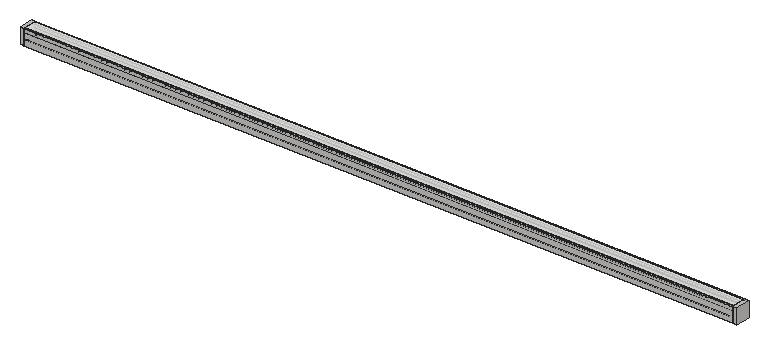
Revit family "Lighting-Luminii-Myka new", category Lighting Fixtures, host Face, Revit 2020
Family settings
  Host = Face
  Round Connector Dimension = Use Diameter
  Part Type = Normal
  OmniClass Number = 23.80.70.11.14.11
  OmniClass Title = Downlights
  Cut with Voids When Loaded = No
  Light Source = Yes
  Shared = Yes
  Room Calculation Point = No
Parameters (values of type "Myka")
  Width = 1/2"  # constant formula
  Wattage Comments = "6 W/ft"
  Wattage = 6 W
  Warranty URL = "https://www.luminii.com/terms-conditions/"
  built-in parameter 1150110 = 1 (stored number, unit not read)
  Voltage Comments = "120VAC - 277VAC"  # constant formula
  Voltage = 120 V
  Version = "2020 - v1.0a"  # constant formula
  URL = "https://www.luminii.com/"
  built-in parameter 1114217 = 1 (stored number, unit not read)
  Tilt Angle = -90.00°  # constant formula
  built-in parameter 1150109 = 1 (stored number, unit not read)
  built-in parameter 1150134 = (empty or 0)
  built-in parameter 1150113 = 1 (stored number, unit not read)
  Support Phone = "224-699-9545"  # constant formula
  Support Email = "mailto:support@bimsmith.com"
  Right Endcap [instance] = yes
  Product Page URL = "Consult Manufacturer Website for more Information"
  Power Source Type = "Driver"  # constant formula
  Power Factor = 1
  Photometric Web File = "MK-48-72VHO-30K-F.ies"
  Phase = 1
  Operating Temperature = "Consult Manufacturer Website for more Information"  # constant formula
  Number of Poles = if(and(or(Voltage = 120 V, Voltage = 277 V), Phase = 1), 1, if(and(or(Voltage = 208 V, Voltage = 240 V), Phase = 1), 2, if(and(or(Voltage = 208 V, Voltage = 240 V), Phase = 3), 3, if(and(Voltage > 300 V, Phase = 1), 2, if(and(Voltage > 400 V, Phase = 3), 3, 1)))))  # 1
  Mounting Method = "Mounting Options Include: Concealed Bracket, Magnetic, Adjustable Hinge Mounting"  # constant formula
  Model = "MK"  # constant formula
  Manufacturer Phone Number = "403-216-7043"  # constant formula
  Manufacturer Email = "mailto: info@sensolighting.com"
  Manufacturer Address = "302 50 Ave SE. Calgary, Alberta, T2G 2A9 Canada"  # constant formula
  Manufacturer = "Luminii"  # constant formula
  built-in parameter 1150105 = 31.513 (stored number, unit not read)
  Lumens = 396 lm
  Luminaire Type = "Linear Illumination System"  # constant formula
  built-in parameter 1150115 = 1 (stored number, unit not read)
  Load Classification = Lighting
  built-in parameter 1150137 = (empty or 0)
  built-in parameter 1150139 = (empty or 0)
  Lens Material = Plastic - Luminii - Frosted Lens
  Length [instance] = if(Desired Length < 12", 12", if(Desired Length > 144", 144", (round(Desired Length / 1")) * 1"))  # 24"
  Left Endcap [instance] = yes
  built-in parameter 1150112 = 1 (stored number, unit not read)
  built-in parameter 1150114 = 1 (stored number, unit not read)
  Lamp Life = 1
  Lamp = "LED"  # constant formula
  Keynote = "26 50 00"
  built-in parameter 1150132 = (empty or 0)
  built-in parameter 1150102 = (empty or 0)
  built-in parameter 1150107 = 3000 (stored number, unit not read)
  Initial Color Comments = "Perfomance based on 3000K Photometric Web File"  # constant formula
  built-in parameter 1150138 = (empty or 0)
  built-in parameter 1150106 = 0.31513 (stored number, unit not read)
  Housing Protection Rating = "Consult Manufacturer Website for more Information"  # constant formula
  Height = 1/2"  # constant formula
  Has Dimming = 1 = 1  # yes
  Has Battery Backup = 0 = 1  # no
  Frequency Comments = ""  # constant formula
  Frequency = 60 Hz
  Finish = Metal - Luminii - Silver Anodized Aluminum
  Environment = "Indoor"  # constant formula
  Emit from Line Length = 24"
  built-in parameter 1150104 = 6.1316 (stored number, unit not read)
  Dimming Type = "Consult Manufacturer Website for more Information"  # constant formula
  Dimming Lamp Color Temperature Shift = <None>
  Desired Length [instance] = 24"
  Description = "Linear Illumination System"  # constant formula
  Default Elevation = 0"  # constant formula
  Current Amps = 50 A
  Copyright = "©2024 Luminii"  # constant formula
  Control Zone = "Consult Manufacturer Website for more Information"  # constant formula
  Control Type = "Consult Manufacturer Website for more Information"  # constant formula
  Constraints = 1  # constant formula
  Color Filter = 16777215
  built-in parameter 1114216 [instance] = 0  # (empty or 0)
  built-in parameter 1140040 [instance] = 1 = 1  # 1
  CCT = "3000K"
  built-in parameter 1114218 = 1 (stored number, unit not read)
  built-in parameter 1150133 = 10 (stored number, unit not read)
  Assembly Code = "D5040.50"
  Apparent Load = Wattage / Power Factor  # 6 VA
Reference planes (in)
  plane 1 "Center (Front/Back)": y = 0
  plane 2: z = 0
  plane 3 "Center (Left/Right)": x = 0
  plane 4: x = 0
  plane 5: x = 0
  plane 6: y = 0.25
  plane 7: y = -0.25
  plane 8: x = -12
  plane 9: x = 12
  plane 10: z = 0.5
Forms (in)
  Extrusion 1, solid, material "Metal - Luminii - Silver Anodized Aluminum", not visible
    sketch origin (0, 0, 0) x (1, 0, 0) y (0, 1, 0)
      loop
        circle (0, 0) r 0.03125
    from 0 to 0.13183
Dimensions and locks (in)
  equal spacing: plane 4, plane 3 "Center (Left/Right)", plane 5
  equal spacing: plane 6, plane 1 "Center (Front/Back)", plane 7
  plane 4 to plane 5 = 0"
  "Width": plane 6 to plane 7
  equal spacing: plane 8, plane 3 "Center (Left/Right)", plane 9
  "Length": plane 8 to plane 9
  locked: Extrusion 1 to plane 2 at 0.13183
  "Height": plane 10 to host face
  aligned and locked: plane 2 to host face
  aligned and locked: plane 3 "Center (Left/Right)" to Extrusion 1 sketch curve
  aligned and locked: Extrusion 1 to level
  aligned and locked: imposter light to plane 10
  aligned and locked: plane 1 "Center (Front/Back)" to imposter light
  aligned and locked: imposter light to plane 3 "Center (Left/Right)"
  aligned and locked: plane 1 "Center (Front/Back)" to Extrusion 1 sketch curve
  aligned and locked: plane 1 "Center (Front/Back)" to nested 1
  aligned and locked: plane 5 to nested 1
Automatic sketch dimensions
  host sketch curve to host sketch curve = 96"  (x2)
  radius of Extrusion 1 sketch curve = 1/32"
Nested families (in)
  nested 1: "Nested Lamp" at (0, 0, 0), type "Nested Lamp"
    with Length 24"
Connectors (in)
  electrical at (0, 0, 0), driven by "Number of Poles", driven by "Load Classification", driven by "Voltage", driven by "Apparent Load", driven by "Power Factor"
    settings: on Extrusion 1, index 1, voltage 120 V, apparent load 6 VA, apparent load phase1 0 VA, apparent load phase2 0 VA, apparent load phase3 0 VA, power factor 1, load classification "Lighting", number of poles 1, system type 30, power factor state 1, is connector primary yes, connector utility no, sub classification motor no, connector description "Power Connection"
Definition of nested family "Nested Lamp"
  Parameters (values of type "Nested Lamp")
    Right Cap = yes
    Lens = none
    Length = 36"
    Left Cap = yes
    Finish = none
    Default Elevation = 48"
    C Right Endcap = if(Right Cap, 1/8", 0")  # 1/8"
    C Left Endcap = if(Left Cap, 1/8", 0")  # 1/8"
  Reference planes (in)
    plane 1 "Center (Front/Back)": y = 0
    plane 2: z = 0
    plane 3 "Center (Left/Right)": x = 0
    plane 4: x = -17.875
    plane 5: x = 17.875
    plane 6: x = 18
    plane 7: x = -18
  Forms (in)
    Extrusion 1, solid
      sketch origin (0, 0, 0) x (1, 0, 0) y (0, 1, 0)
        loop
          line (-48, 48) -> (-48, -48) -> (48, -48) -> (48, 48) -> (-48, 48)
      from 0 to -12
    Sweep 2, solid, material <- "Finish", detail levels medium+fine
      path origin (0, 0, 0) x (1, 0, 0) y (0, 1, 0)
        loop
          line (-17.875, 0) -> (17.875, 0)
      profile origin (0, 0, 0) x (0, 1, 0) y (0, 0, 1)
        loop
          line (0.25, 0) -> (0.25, 0.5) -> (0.21891, 0.5) -> (0.19933, 0.38895) -> (0.23377, 0.35452) -> (0.19904, 0.32928) -> (0.19904, 0.23) -> (-0.19904, 0.23) -> (-0.19904, 0.32928) -> (-0.23377, 0.35452) -> (-0.19933, 0.38895) -> (-0.21891, 0.5) -> (-0.25, 0.5) -> (-0.25, 0) -> (-0.2065, 0) -> (-0.2065, 0.12)
          arc (-0.2065, 0.12) -> (-0.1895, 0.137) -> (-0.1725, 0.12) r 0.017
          line (-0.1725, 0.12) -> (0.1725, 0.12)
          arc (0.1725, 0.12) -> (0.1895, 0.137) -> (0.2065, 0.12) r 0.017
          line (0.2065, 0.12) -> (0.2065, 0) -> (0.25, 0)
    Sweep 3, solid, material <- "Finish", visible <- "Left Cap"
      path origin (-28, 0, 0) x (-1, 0, 0) y (0, 1, 0)
        loop
          line (-10.125, 0) -> (-10, 0)
      profile origin (-17.9375, 0, 0) x (0, -1, 0) y (0, 0, 1)
        loop
          line (0.25, 0.5) -> (-0.25, 0.5) -> (-0.25, 0) -> (0.25, 0) -> (0.25, 0.5)
    Sweep 4, solid, material <- "Finish", visible <- "Right Cap"
      path origin (28, 0, 0) x (1, 0, 0) y (0, 1, 0)
        loop
          line (-10.125, 0) -> (-10, 0)
      profile origin (17.9375, 0, 0) x (0, 1, 0) y (0, 0, 1)
        loop
          line (-0.25, 0.5) -> (-0.25, 0) -> (0.25, 0) -> (0.25, 0.5) -> (-0.25, 0.5)
    Sweep 5, solid, material <- "Lens", detail levels medium+fine
      path origin (0, 0, 0) x (1, 0, 0) y (0, 1, 0)
        loop
          line (-17.875, 0) -> (17.875, 0)
      profile origin (0, 0, 0) x (0, 1, 0) y (0, 0, 1)
        loop
          line (0.21891, 0.5) -> (-0.21891, 0.5) -> (-0.19933, 0.38895) -> (-0.23125, 0.35468) -> (-0.19729, 0.33) -> (-0.17519, 0.3521) -> (-0.17519, 0.46077) -> (0.17519, 0.46077) -> (0.17519, 0.3521) -> (0.19729, 0.33) -> (0.23125, 0.35468) -> (0.19933, 0.38895) -> (0.21891, 0.5)
    Sweep 6, solid, material <- "Finish", detail levels coarse
      path origin (0, 0, 0) x (1, 0, 0) y (0, 1, 0)
        loop
          line (-17.875, 0) -> (17.875, 0)
      profile origin (0, 0, 0) x (0, 1, 0) y (0, 0, 1)
        loop
          line (0.25, 0.5) -> (0.2, 0.5) -> (0.2, 0.23) -> (-0.2, 0.23) -> (-0.2, 0.5) -> (-0.25, 0.5) -> (-0.25, 0) -> (0.25, 0) -> (0.25, 0.5)
    Sweep 7, solid, material <- "Lens", detail levels coarse
      path origin (0, 0, 0) x (1, 0, 0) y (0, 1, 0)
        loop
          line (-17.875, 0) -> (17.875, 0)
      profile origin (0, 0, 0) x (0, 1, 0) y (0, 0, 1)
        loop
          line (0.2, 0.5) -> (-0.2, 0.5) -> (-0.2, 0.23) -> (0.2, 0.23) -> (0.2, 0.5)
  Dimensions and locks (in)
    "Length": plane 7 to plane 6
    "C Left Endcap": plane 7 to plane 4
    "C Right Endcap": plane 5 to plane 6
    locked: plane 7 to Sweep 3 sketch curve at 0.125
    locked: Sweep 4 sketch curve to plane 6 at 0.125
    equal spacing: plane 7, plane 3 "Center (Left/Right)", plane 6
    aligned and locked: plane 2 to Extrusion 1
    aligned and locked: level to Extrusion 1
    aligned and locked: plane 4 to Sweep 2 sketch curve
    aligned and locked: plane 1 "Center (Front/Back)" to Sweep 2 sketch curve
    aligned and locked: plane 5 to Sweep 2 sketch curve
    aligned and locked: Sweep 3 sketch curve to plane 1 "Center (Front/Back)"
    aligned and locked: plane 7 to Sweep 3 sketch curve
    aligned and locked: plane 1 "Center (Front/Back)" to Sweep 4 sketch curve
    aligned and locked: plane 6 to Sweep 4 sketch curve
    aligned and locked: plane 5 to Sweep 5 sketch curve
    aligned and locked: plane 4 to Sweep 5 sketch curve
    aligned and locked: plane 1 "Center (Front/Back)" to Sweep 5 sketch curve
  Automatic sketch dimensions
    Extrusion 1 sketch curve to Extrusion 1 sketch curve = 96"  (x2)
    Sweep 3 sketch curve to level = 0"
    profile plane to Sweep 3 sketch curve = 1/4"
    Sweep 3 sketch curve to profile plane = 1/4"
    Sweep 3 sketch curve to Sweep 3 sketch curve = 1/2"
    Sweep 4 sketch curve to level = 0"
    profile plane to Sweep 4 sketch curve = 1/4"
    Sweep 4 sketch curve to profile plane = 1/4"
    Sweep 4 sketch curve to Sweep 4 sketch curve = 1/2"
    plane 1 "Center (Front/Back)" to Sweep 6 sketch curve = 0"
    Sweep 6 sketch curve to plane 4 = 0"
    Sweep 6 sketch curve to plane 5 = 0"
    plane 1 "Center (Front/Back)" to Sweep 7 sketch curve = 0"
    Sweep 7 sketch curve to plane 4 = 0"
    Sweep 7 sketch curve to plane 5 = 0"
    profile plane to Sweep 7 sketch curve = 0.2"
    Sweep 7 sketch curve to profile plane = 0.2"
    level to Sweep 7 sketch curve = 0.23"
    Sweep 7 sketch curve to Sweep 7 sketch curve = 0.27"
    Sweep 6 sketch curve to level = 0"
    profile plane to Sweep 6 sketch curve = 1/4"
    Sweep 6 sketch curve to Sweep 6 sketch curve = 0.05"  (x2)
    Sweep 6 sketch curve to profile plane = 0.2"
    Sweep 6 sketch curve to Sweep 6 sketch curve = 0.23"
    Sweep 6 sketch curve to Sweep 6 sketch curve = 0.27"  (x2)
    profile plane to Sweep 5 sketch curve = 0.23125"
    Sweep 5 sketch curve to Sweep 5 sketch curve = 0.01234"
    Sweep 5 sketch curve to Sweep 5 sketch curve = 0.03192"
    Sweep 5 sketch curve to Sweep 5 sketch curve = 0.03396"  (x2)
    Sweep 5 sketch curve to Sweep 5 sketch curve = 0.0221"  (x4)
    Sweep 5 sketch curve to profile plane = 0.17519"
    Sweep 5 sketch curve to Sweep 5 sketch curve = 0.02414"
    Sweep 5 sketch curve to Sweep 5 sketch curve = 0.04372"
    level to Sweep 5 sketch curve = 0.33"  (x2)
    Sweep 5 sketch curve to Sweep 5 sketch curve = 0.02468"  (x2)
    Sweep 5 sketch curve to Sweep 5 sketch curve = 0.03686"  (x2)
    Sweep 5 sketch curve to Sweep 5 sketch curve = 0.07182"
    Sweep 5 sketch curve to Sweep 5 sketch curve = 0.03923"
    Sweep 2 sketch curve to level = 0"  (x2)
    Sweep 2 sketch curve to Sweep 2 sketch curve = 0.01623"
    Sweep 2 sketch curve to Sweep 2 sketch curve = 0.03109"  (x2)
    Sweep 2 sketch curve to Sweep 2 sketch curve = 0.0435"
    Sweep 2 sketch curve to Sweep 2 sketch curve = 0.03444"  (x3)
    Sweep 2 sketch curve to Sweep 2 sketch curve = 0.03473"  (x2)
    Sweep 2 sketch curve to Sweep 2 sketch curve = 0.017"  (x2)
    Sweep 2 sketch curve to profile plane = 0.1725"
    Sweep 2 sketch curve to Sweep 2 sketch curve = 0.00746"
    Sweep 2 sketch curve to Sweep 2 sketch curve = 0.0003"
    Sweep 2 sketch curve to Sweep 2 sketch curve = 0.01958"
    Sweep 2 sketch curve to Sweep 2 sketch curve = 0.12"
    Sweep 2 sketch curve to Sweep 2 sketch curve = 0.11"
    Sweep 2 sketch curve to Sweep 2 sketch curve = 0.09928"  (x2)
    Sweep 2 sketch curve to Sweep 2 sketch curve = 0.02524"  (x2)
    Sweep 2 sketch curve to Sweep 2 sketch curve = 0.11105"  (x2)
    profile plane to Sweep 2 sketch curve = 0.1725"
